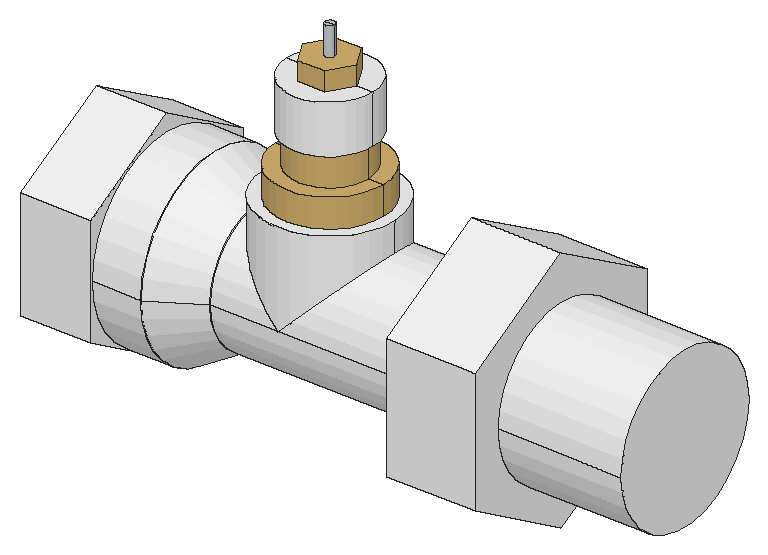
Revit family "RA-N_Straight_DN25_D_RFA", category Pipe Accessories, Revit 2019
Family settings
  Round Connector Dimension = Use Diameter
  Part Type = Valve - Breaks Into
  OmniClass Number = 23.65.55.14.17
  OmniClass Title = Adjusting/Controlling Valves for Liquid Services
  Work Plane-Based = No
  Always vertical = Yes
  Cut with Voids When Loaded = No
  Shared = No
Parameters (values of type "RA-N_Straight_DN25_Internal_D_013G0038")
  length = 126.00 mm  # constant formula
  Weight = 0.66 kg
  W [instance] = 45.70 mm
  Setting Range = "1-7,N"  # constant formula
  SL = L1 + L2  # 99.50 mm
  R_200_1 = 26.38 mm  # constant formula
  R_200 = 23.50 mm  # constant formula
  RV4 = 19.50 mm
  RV3 = 20.00 mm
  Pressure Drop [instance] = 0.0 bar
  Model Type = "RA-N_Straight_DN25_Internal_D"
  Model = "013G0038"
  Max Operating Pressure = "10 bar"  # constant formula
  Max Medium Temperature = "120 ˚C"  # constant formula
  Max Differential Pressure = "0.6 bar"  # constant formula
  L4 = 19.00 mm
  Valve Body Material = Danfoss Brass (Nickel plated)
  RV2 = 17.00 mm
  LOD 350 = not(LOD 200)  # yes
  LOD 200 = no
  L7 = 25.00 mm
  L6 = 14.50 mm
  L5 = 10.00 mm
  L [instance] = 126.00 mm
  Kvs = 1.4 m³/h
  IfcExportType = "RA-N"  # constant formula
  IfcExportAs = "IfcValveType"  # constant formula
  HT = HT1 + 33.00 mm  # 53.00 mm
  HT1 = 20.00 mm  # constant formula
  L3 = 15.00 mm
  URL = "https://store.danfoss.com/en/Climate-Solutions-for-heating/Radiator-Thermostats/Radiator-Valves/Build-on-valves/Presetting-valves/c/13866?q=%3Arelevance%3Adanfoss_producttypehierarchydesc%3ARA-N%3Adanfoss_a223339155%3AA223_3391558c5e50fab3748e9c53a6863b3dce1401%3Adanfoss_a2824460767%3AA2824_460767f623e75af30e62bbd73d6df5b50bb7b5%3Adanfoss_a50461501115_fts%3AA5046_150111582a2288245d249094b5396089516c12e&text="
  Manufacturer = "Danfoss"  # constant formula
  L2 = 49.50 mm
  L1 = 50.00 mm
  H [instance] = 79.385 mm
  Flow [instance] = 0.0 m³/h
  Description = "Thermostatic Radiator Valve"  # constant formula
  SD = R_200_1 * 2  # 52.76 mm
  DB1 = 28.00 mm
  DV1 = 28.00 mm
  L_nut thread2 = 22.85 mm  # constant formula
  L_nut thread1 = 20.35 mm  # constant formula
  D = 25.00 mm
  Connection = "Internal thread"  # constant formula
Reference planes
  plane 1 "Center (Front/Back)": y = 0
  plane 2 "XYPLANE": z = 6
  plane 3 "Center (Left/Right)": x = 0
  plane 4 "67": z = 53
  plane 5 "63": x = 0
  plane 6 "62": x = -50
  plane 7 "61": x = 49.5
  plane 8 "60": y = 0
  plane 9 "59": z = 0
  plane 10 "Y2": x = -35
  plane 11: x = 76
  plane 12: x = 30.5
  plane 13: z = 20
  plane 14: x = 25
  plane 15: x = -14.5
  plane 16: x = -24.5
Forms (mm)
  Extrusion 1, solid, material "Danfoss Brass (Nickel plated)" <- "Valve Body Material", visible <- "LOD 350", detail levels fine
    sketch origin (-15, 0, 0) x (0, 0, 1) y (0, -1, 0)
      loop
        circle (0, 0) r 14
    from 0.5 to 40
  Extrusion 2, solid, material "Danfoss Brass (Nickel plated)" <- "Valve Body Material", visible <- "LOD 350", detail levels fine
    sketch origin (49.5, -750, 0) x (0, 1, 0) y (0, 0, 1)
      loop
        line (750, 26.385) -> (727.15, 13.192) -> (727.15, -13.192) -> (750, -26.385) -> (772.85, -13.192) -> (772.85, 13.192) -> (750, 26.385)
    from 0 to -19
  Extrusion 3, solid, material "Danfoss Brass (Nickel plated)" <- "Valve Body Material", visible <- "LOD 350", detail levels fine
    sketch origin (-50, -750, 0) x (0, 1, 0) y (0, 0, 1)
      loop
        line (750, 23.498) -> (729.65, 11.749) -> (729.65, -11.749) -> (750, -23.498) -> (770.35, -11.749) -> (770.35, 11.749) -> (750, 23.498)
    from 0 to 15 <- "L3"
  Extrusion 4, solid, material "Danfoss Brass (Nickel plated)" <- "Valve Body Material", visible <- "LOD 350", detail levels fine
    sketch origin (49.5, -750, 0) x (0, 1, 0) y (0, 0, 1)
      loop
        circle (750, 0) r 20
    from -84.5 to -74
  Extrusion 5, solid, material "Danfoss Brass (Nickel plated)" <- "Valve Body Material", visible <- "LOD 200", detail levels fine
    sketch origin (49.5, -750, 0) x (0, 1, 0) y (0, 0, 1)
      loop
        circle (750, 0) r 14
    from -84.5 to -19
  Extrusion 6, solid, material "Danfoss Brass (Nickel plated)" <- "Valve Body Material", detail levels fine
    sketch origin (0, 0, 0) x (0, 1, 0) y (0, 0, 1)
      loop
        circle (0, 0) r 17
    from 49.5 to 76
  Extrusion 7, solid, material "Danfoss Brass (Nickel plated)" <- "Valve Body Material", detail levels fine
    sketch origin (0, 0, 0) x (1, 0, 0) y (0, 1, 0)
      loop
        circle (0, 0) r 14
    from 0 to 20
  Blend 8, solid, material "Danfoss Brass (Nickel plated)" <- "Valve Body Material", visible <- "LOD 350", detail levels fine
    base sketch origin (0, 0, 0) x (0, 1, 0) y (0, 0, 1)
      loop
        circle (0, 0) r 20
    top sketch origin (0, 0, 0) x (0, 1, 0) y (0, 0, 1)
      loop
        circle (0, 0) r 14
    from -24.5 to -14.5
  Blend 9, solid, material "Danfoss Brass (Nickel plated)" <- "Valve Body Material", visible <- "LOD 350", detail levels fine
    base sketch origin (0, 0, 0) x (0, 1, 0) y (0, 0, -1)
      loop
        circle (0, 0) r 19.5
    top sketch origin (0, 0, 0) x (0, 1, 0) y (0, 0, -1)
      loop
        circle (0, 0) r 14
    from -30.5 to -25
  Extrusion 10, solid, material "Danfoss Brass (Nickel plated)" <- "Valve Body Material", visible <- "LOD 200", detail levels fine
    sketch origin (-50, -750, 0) x (0, 1, 0) y (0, 0, 1)
      loop
        circle (750, 0) r 26.38
    from 80.5 to 99.5
  Extrusion 11, solid, material "Danfoss Brass (Nickel plated)" <- "Valve Body Material", visible <- "LOD 200", detail levels fine
    sketch origin (0, 0, 0) x (0, 1, 0) y (0, 0, 1)
      loop
        circle (0, 0) r 23.5
    from -50 to -35
Lines and regions (mm)
  reference lines, not visible
    curve 1: circle (2, 2, 0) r 1 normal (0, 0, 1)
  reference lines, visible <- "LOD 350"
    curve 2: line (49.5, 0, 0) -> (49.5, 5.846, -3.375)
    curve 3: line (49.5, 0, 0) -> (49.5, 0, -6.75)
    curve 4: line (49.5, 0, 0) -> (49.5, -5.846, -3.375)
    curve 5: line (-50, 0, 0) -> (-50, -4.98, -2.875)
    curve 6: line (-50, 0, 0) -> (-50, 0, -5.75)
    curve 7: line (-50, 0, 0) -> (-50, 4.98, -2.875)
Dimensions and locks
  plane 1 "Center (Front/Back)" to curve 1 = 2.00 mm
  locked: plane 3 "Center (Left/Right)" to plane 5 "63"
  "L1": plane 3 "Center (Left/Right)" to plane 6 "62"
  "L2": plane 3 "Center (Left/Right)" to plane 7 "61"
  locked: plane 1 "Center (Front/Back)" to plane 8 "60"
  plane 9 "59" to plane 2 "XYPLANE" = 6.00 mm
  "L_nut thread2": curve 2 to Extrusion 2 sketch curve  (x2)
  "L_nut thread2": curve 3 to Extrusion 2 sketch curve  (x2)
  "L_nut thread2": curve 4 to Extrusion 2 sketch curve  (x2)
  "L_nut thread1": curve 5 to Extrusion 3 sketch curve  (x2)
  "L_nut thread1": curve 6 to Extrusion 3 sketch curve  (x2)
  "L_nut thread1": curve 7 to Extrusion 3 sketch curve  (x2)
  "L3": plane 6 "62" to plane 10 "Y2"
  "L4": plane 12 to plane 7 "61"
  "HT1": plane 13 to level
  "L6": plane 3 "Center (Left/Right)" to plane 15
  "L7": plane 14 to plane 3 "Center (Left/Right)"
  "L5": plane 15 to plane 16
  plane 7 "61" to plane 6 "62" = 99.50 mm
  "L": plane 11 to plane 6 "62"
  "W": Extrusion 2 to Extrusion 2
  "length": plane 6 "62" to plane 11
  "HT": plane 4 "67" to level
  "H": plane 4 "67" to Extrusion 2
  plane 4 "67" to plane 13 = 33.00 mm
  Extrusion 3 to Extrusion 3 = 40.70 mm
  Extrusion 2 to Extrusion 2 = 45.70 mm
  level to Extrusion 2 = 26.385 mm
  level to Extrusion 3 = 23.498 mm
  "DV1": diameter of Extrusion 1 sketch curve
  "RV3": radius of Extrusion 4 sketch curve
  "DV1": diameter of Extrusion 5 sketch curve
  "RV2": radius of Extrusion 6 sketch curve
  "DB1": diameter of Extrusion 7 sketch curve
  "RV3": radius of Blend 8 sketch curve
  "DV1": diameter of Blend 8 sketch curve
  "RV4": radius of Blend 9 sketch curve
  "DV1": diameter of Blend 9 sketch curve
  "R_200_1": radius of Extrusion 10 sketch curve
  "R_200": radius of Extrusion 11 sketch curve
  locked: curve 3 to curve 2 (angle 60.00°)
  locked: curve 4 to curve 3 (angle 60.00°)
  locked: curve 4 to curve 2 (angle 120.00°)
  locked: curve 6 to curve 5 (angle 60.00°)
  locked: curve 7 to curve 6 (angle 60.00°)
  locked: curve 7 to curve 5 (angle 120.00°)
  aligned and locked: Extrusion 1 sketch curve to plane 8 "60"
  aligned and locked: curve 4 to plane 8 "60"
  aligned and locked: plane 9 "59" to curve 4
  aligned and locked: curve 7 to plane 8 "60"
  aligned and locked: plane 9 "59" to curve 7
  aligned and locked: plane 1 "Center (Front/Back)" to Extrusion 4 sketch curve
  aligned and locked: level to Extrusion 4 sketch curve
  aligned and locked: plane 1 "Center (Front/Back)" to Extrusion 5 sketch curve
  aligned and locked: level to Extrusion 5 sketch curve
  aligned and locked: plane 10 "Y2" to Extrusion 3
  aligned and locked: plane 1 "Center (Front/Back)" to Extrusion 6 sketch curve
  aligned and locked: level to Extrusion 6 sketch curve
  aligned and locked: Extrusion 2 to plane 12
  aligned and locked: plane 5 "63" to Extrusion 7 sketch curve
  aligned and locked: plane 8 "60" to Extrusion 7 sketch curve
  aligned and locked: plane 13 to Extrusion 7
  aligned and locked: Extrusion 6 to plane 7 "61"
  aligned and locked: Extrusion 6 to plane 11
  aligned and locked: Extrusion 1 to plane 15
  aligned and locked: plane 14 to Extrusion 1
  aligned and locked: Extrusion 4 to plane 10 "Y2"
  aligned and locked: plane 16 to Extrusion 4
  aligned and locked: plane 1 "Center (Front/Back)" to Blend 8 sketch curve  (x2)
  aligned and locked: level to Blend 8 sketch curve  (x2)
  aligned and locked: Blend 8 to plane 16
  aligned and locked: plane 15 to Blend 8
  aligned and locked: plane 14 to Blend 9
  aligned and locked: plane 1 "Center (Front/Back)" to Blend 9 sketch curve  (x2)
  aligned and locked: level to Blend 9 sketch curve  (x2)
  aligned and locked: Extrusion 5 to plane 10 "Y2"
  aligned and locked: plane 12 to Extrusion 5
  aligned and locked: plane 12 to Blend 9
  aligned and locked: plane 1 "Center (Front/Back)" to Extrusion 10 sketch curve
  aligned and locked: level to Extrusion 10 sketch curve
  aligned and locked: Extrusion 10 to plane 7 "61"
  aligned and locked: Extrusion 10 to plane 12
  aligned and locked: plane 1 "Center (Front/Back)" to Extrusion 11 sketch curve
  aligned and locked: level to Extrusion 11 sketch curve
  aligned and locked: Extrusion 11 to plane 6 "62"
  aligned and locked: Extrusion 11 to plane 10 "Y2"
  aligned and locked: nested 1 to plane 6 "62"
  aligned and locked: plane 4 "67" to nested 1
  aligned and locked: plane 3 "Center (Left/Right)" to nested 2
  aligned and locked: plane 13 to nested 2
  aligned and locked: plane 1 "Center (Front/Back)" to nested 1
  aligned and locked: plane 1 "Center (Front/Back)" to nested 2
Automatic sketch dimensions
  plane 3 "Center (Left/Right)" to curve 1 = 2.00 mm
  Extrusion 1 sketch curve to level = 0.00 mm
  Extrusion 6 sketch curve to level = 0.00 mm
  radius of curve 1 = 1.00 mm
Nested families
  nested 1: "Schematic_TRV_Straight" at (-0.25, 0, 0), type "Schematic_TRV_Straight", detail levels coarse+medium
  nested 2: "connection neck" at (0, 0, 20), LOD 200 <- "LOD 200", type "connection", detail levels fine
    with LOD 350 yes, LOD 200 no, DN20(350) yes, DN10-15(350) no
Connectors
  piping at (-50, 0, 0), diameter 25, driven by "D", driven by "Flow"
    settings: on Extrusion 3, index 2, connector inside diameter 609.6 mm, connector length 0.00 mm, flow factor 0, pipe flow 0.0 m³/h, pressure drop 0.0 bar, fitting loss kfactor 0, connector angle 0.00°, fixture units 0, engagement length 0.00 mm, angle of deflection 0.00°, flow configuration 0, flow direction 1, fitting loss method 0, system type 29, joint type 0, gender type 0, connector reference index 3, connector utility 0, adjustable connector no, is connector primary yes, connector description ""
  piping at (49.5, 0, 0), diameter 25, driven by "Flow", driven by "D"
    settings: on Extrusion 2, index 3, connector inside diameter 609.6 mm, connector length 0.00 mm, flow factor 0, pipe flow 0.0 m³/h, pressure drop 0.0 bar, fitting loss kfactor 0, connector angle 0.00°, fixture units 0, engagement length 0.00 mm, angle of deflection 0.00°, flow configuration 0, flow direction 2, fitting loss method 0, system type 29, joint type 0, gender type 0, connector reference index 2, connector utility 0, adjustable connector no, is connector primary no, connector description ""
Definition of nested family "connection neck"
  Parameters (values of type "connection")
    Model = ""
    Valve Body Material = none
    LOD 350 [instance] = not(LOD 200)  # yes
    LOD 200 [instance] = no
    IfcExportType = "Connection neck"  # constant formula
    IfcExportAs = "IfcValveType"  # constant formula
    URL = "https://store.danfoss.com/en/Climate-Solutions-for-heating/Radiator-Thermostats/Radiator-Valves/Build-on-valves/Presetting-valves/c/13866?q=%3Arelevance%3Adanfoss_producttypehierarchydesc%3ARA-N&text="
    Manufacturer = "Danfoss"  # constant formula
    HT1 = if(D = 20.00 mm, 12.55 mm, 12.65 mm)  # 12.65 mm
    HT = 33.00 mm  # constant formula
    H [instance] = 33.00 mm
    Description = "Thermostatic Radiator Valve"  # constant formula
    DN20(350) [instance] = and((LOD 350), D > 20.00 mm)  # no
    DN10-15(350) [instance] = and((LOD 350), D < 20.00 mm)  # yes
    D = 15.00 mm
  Reference planes
    plane 1 "Center (Front/Back)": y = 0
    plane 2 "XYPLANE": z = 6
    plane 3 "Center (Left/Right)": x = 0
    plane 4 "67": z = 27.03
    plane 5 "66": z = 7
    plane 6 "63": x = 0
    plane 7 "60": y = 0
    plane 8 "59": z = 0
    plane 9: z = 33
    plane 10: z = 12.65
    plane 11: z = 0
    plane 12 "HT1": z = 12.65
    plane 13: z = 6.1
    plane 14: z = 23.03
  Forms (mm)
    Revolve 1, solid, detail levels fine
      sketch origin (0, 0, 0) x (1, 0, 0) y (0, 0, 1)
        loop
          line (0, 33) -> (0, 27.03) -> (1, 27.03) -> (1, 33) -> (0, 33)
        axis (0, 27.03) -> (0, 33)
      angle from 0 to 360
    Revolve 2, solid, visible <- "DN10-15(350)", detail levels fine
      sketch origin (0, 0, 0) x (1, 0, 0) y (0, 0, 1)
        loop
          line (0, 0) -> (11.5, 0) -> (11.5, 7) -> (8.3, 7) -> (8.3, 12.65) -> (0, 12.65) -> (0, 0)
        axis (0, 12.65) -> (0, 0)
      angle from 0 to 360
    Revolve 3, solid, material <- "Valve Body Material", detail levels fine
      sketch origin (0, 0, 0) x (1, 0, 0) y (0, 0, 1)
        loop
          line (0, 23.03) -> (0, 12.65) -> (9.3, 12.65) -> (9.3, 23.03) -> (0, 23.03)
        axis (0, 12.65) -> (0, 23.03)
      angle from 0 to 360
    Revolve 4, solid, visible <- "LOD 200", detail levels fine
      sketch origin (0, 0, 0) x (1, 0, 0) y (0, 0, 1)
        loop
          line (0, 0) -> (11.5, 0) -> (11.5, 12.65) -> (0, 12.65) -> (0, 0)
        axis (0, 0) -> (0, 12.65)
      angle from 0 to 360
    Extrusion 5, solid, visible <- "LOD 350", detail levels fine
      sketch origin (0, 0, 0) x (1, 0, 0) y (0, 1, 0)
        loop
          line (-2.887, 5) -> (-5.774, 0) -> (-2.887, -5) -> (2.887, -5) -> (5.774, 0) -> (2.887, 5) -> (-2.887, 5)
      from 23.03 to 27.03
    Revolve 6, solid, visible <- "LOD 200", detail levels fine
      sketch origin (0, 0, 0) x (1, 0, 0) y (0, 0, 1)
        loop
          line (0, 27.03) -> (0, 23.03) -> (5.774, 23.03) -> (5.774, 27.03) -> (0, 27.03)
        axis (0, 27.03) -> (0, 23.03)
      angle from 0 to 360
    Revolve 7, solid, visible <- "DN20(350)", detail levels fine
      sketch origin (0, 0, 0) x (1, 0, 0) y (0, 0, 1)
        loop
          line (0, 0) -> (11.5, 0) -> (11.5, 6.1) -> (8.3, 6.1) -> (8.3, 12.65) -> (0, 12.65) -> (0, 0)
        axis (0, 12.65) -> (0, 0)
      angle from 0 to 360
  Lines and regions (mm)
    reference lines, not visible
      curve 1: circle (2, 2, 0) r 1 normal (0, 0, 1)
    reference lines, visible <- "LOD 350"
      curve 2: line (32, 0, 0) -> (32, 5.846, -3.375)
      curve 3: line (32, 0, 0) -> (32, 0, -6.75)
      curve 4: line (32, 0, 0) -> (32, -5.846, -3.375)
      curve 5: line (-29, 0, 0) -> (-29, -4.98, -2.875)
      curve 6: line (-29, 0, 0) -> (-29, 0, -5.75)
      curve 7: line (-29, 0, 0) -> (-29, 4.98, -2.875)
  Dimensions and locks
    plane 1 "Center (Front/Back)" to curve 1 = 2.00 mm
    locked: plane 3 "Center (Left/Right)" to plane 6 "63"
    locked: plane 1 "Center (Front/Back)" to plane 7 "60"
    plane 8 "59" to plane 2 "XYPLANE" = 6.00 mm
    "HT": plane 9 to level
    Revolve 3 sketch curve to Revolve 3 sketch curve = 9.30 mm
    Revolve 2 sketch curve to plane 3 "Center (Left/Right)" = 11.50 mm
    Revolve 2 sketch curve to plane 3 "Center (Left/Right)" = 8.30 mm
    Revolve 4 sketch curve to Revolve 4 sketch curve = 11.50 mm
    Extrusion 5 sketch curve to Extrusion 5 sketch curve = 10.00 mm  (x3)
    equal spacing: Extrusion 5 sketch curve, plane 1 "Center (Front/Back)", Extrusion 5 sketch curve
    equal spacing: Extrusion 5 sketch curve, plane 3 "Center (Left/Right)", Extrusion 5 sketch curve  (x2)
    Revolve 6 sketch curve to Revolve 6 sketch curve = 5.774 mm
    "H": plane 9 to plane 11
    Revolve 1 sketch curve to Revolve 1 sketch curve = 1.00 mm
    locked: level to plane 11
    Revolve 7 sketch curve to plane 3 "Center (Left/Right)" = 8.30 mm
    Revolve 7 sketch curve to plane 3 "Center (Left/Right)" = 11.50 mm
    plane 10 to plane 5 "66" = 5.65 mm
    "HT1": plane 12 "HT1" to level
    locked: plane 13 to level at 6.1
    plane 12 "HT1" to plane 13 = 6.55 mm
    locked: plane 14 to plane 12 "HT1" at 10.38
    locked: plane 4 "67" to plane 14 at 4
    locked: plane 5 "66" to level at 7
    locked: curve 3 to curve 2 (angle 60.00°)
    locked: curve 4 to curve 3 (angle 60.00°)
    locked: curve 4 to curve 2 (angle 120.00°)
    locked: curve 6 to curve 5 (angle 60.00°)
    locked: curve 7 to curve 6 (angle 60.00°)
    locked: curve 7 to curve 5 (angle 120.00°)
    aligned and locked: curve 4 to plane 7 "60"
    aligned and locked: plane 8 "59" to curve 4
    aligned and locked: curve 7 to plane 7 "60"
    aligned and locked: plane 8 "59" to curve 7
    aligned and locked: Revolve 1 sketch curve to plane 6 "63"
    aligned and locked: Revolve 1 sketch curve to plane 9
    aligned and locked: plane 6 "63" to Revolve 1 sketch curve
    aligned and locked: Revolve 2 sketch curve to plane 5 "66"
    aligned and locked: Revolve 2 sketch curve to plane 3 "Center (Left/Right)"
    aligned and locked: Revolve 2 sketch curve to Revolve 2 sketch curve
    aligned and locked: Revolve 3 sketch curve to plane 6 "63"
    aligned and locked: plane 6 "63" to Revolve 3 sketch curve
    aligned and locked: Revolve 4 sketch curve to plane 6 "63"
    aligned and locked: plane 2 "XYPLANE" to Revolve 4 sketch curve
    aligned and locked: plane 6 "63" to Revolve 4 sketch curve
    aligned and locked: Revolve 1 sketch curve to plane 4 "67"
    aligned and locked: plane 4 "67" to Revolve 1 sketch curve
    aligned and locked: Revolve 2 sketch curve to plane 11
    aligned and locked: plane 11 to Revolve 2 sketch curve
    aligned and locked: plane 4 "67" to Extrusion 5
    aligned and locked: plane 10 to Revolve 4
    aligned and locked: Revolve 6 sketch curve to plane 6 "63"  (x2)
    aligned and locked: Revolve 6 sketch curve to plane 4 "67"
    aligned and locked: Revolve 6 sketch curve to Revolve 1
    aligned and locked: Revolve 6 sketch curve to Revolve 6 sketch curve
    aligned and locked: Revolve 7 sketch curve to level
    aligned and locked: Revolve 7 sketch curve to plane 3 "Center (Left/Right)"  (x2)
    aligned and locked: Revolve 4 sketch curve to plane 12 "HT1"
    aligned and locked: Revolve 3 sketch curve to plane 12 "HT1"
    aligned and locked: Revolve 2 sketch curve to plane 12 "HT1"
    aligned and locked: Revolve 7 sketch curve to plane 12 "HT1"
    aligned and locked: Revolve 7 sketch curve to plane 13
    aligned and locked: Revolve 3 sketch curve to plane 14
    aligned and locked: Extrusion 5 to plane 14
  Automatic sketch dimensions
    plane 3 "Center (Left/Right)" to curve 1 = 2.00 mm
    plane 9 to Revolve 1 sketch curve = 0.838 mm
    Revolve 3 sketch curve to plane 3 "Center (Left/Right)" = 0.00 mm
    plane 5 "66" to Revolve 3 sketch curve = 2.50 mm
    Revolve 3 sketch curve to plane 9 = 1.691 mm
    Revolve 4 sketch curve to plane 11 = 0.00 mm
    Revolve 4 sketch curve to plane 9 = 0.30 mm
    plane 1 "Center (Front/Back)" to Extrusion 5 sketch curve = 0.00 mm
    Extrusion 5 sketch curve to Extrusion 5 sketch curve = 2.887 mm
    Revolve 7 sketch curve to Revolve 7 sketch curve = 0.00 mm
    Revolve 7 sketch curve to Revolve 7 sketch curve = 11.48 mm
    Revolve 2 sketch curve to plane 4 "67" = 3.00 mm
    Revolve 6 sketch curve to plane 4 "67" = 4.00 mm
    radius of curve 1 = 1.00 mm
Definition of nested family "Schematic_TRV_Straight"
  Parameters (values of type "Schematic_TRV_Straight")
    L = 55.50 mm
    LT = 4 / 5 * D  # 24.944 mm
    HT = 48.00 mm
    D = 31.18 mm
  Reference planes
    plane 1 "Center (Front/Back)": y = 0
    plane 2: z = 0
    plane 3 "Center (Left/Right)": x = 0
    plane 4: x = 27.75
    plane 5: y = 15.59
    plane 6: y = -15.59
    plane 7: z = 15.59
    plane 8: z = -15.59
    plane 9: z = 48
    plane 10: x = -12.472
    plane 11: x = 12.472
    plane 12: x = -27.75
    plane 13: y = 48
  Lines and regions (mm)
    model lines
      curve 1: line (0, 0, 0) -> (27.75, 0, 15.59)
      curve 2: line (27.75, 0, 15.59) -> (27.75, 0, -15.59)
      curve 3: line (27.75, 0, -15.59) -> (0, 0, 0)
      curve 4: line (0, 0, 0) -> (0, 0, 48)
      curve 5: line (-12.472, 0, 48) -> (12.472, 0, 48)
      curve 6: line (0, 0, 0) -> (-27.75, 0, 15.59)
      curve 7: line (-27.75, 0, 15.59) -> (-27.75, 0, -15.59)
      curve 8: line (-27.75, 0, -15.59) -> (0, 0, 0)
    symbolic lines
      curve 9: line (27.75, 15.59, 0) -> (27.75, -15.59, 0)
      curve 10: line (12.472, 48, 0) -> (-12.472, 48, 0)
      curve 11: line (0, 48, 0) -> (0, 0, 0)
      curve 12: line (0, 0, 0) -> (27.75, 15.59, 0)
      curve 13: line (27.75, -15.59, 0) -> (0, 0, 0)
      curve 14: line (-27.75, 15.59, 0) -> (-27.75, -15.59, 0)
      curve 15: line (0, 0, 0) -> (-27.75, 15.59, 0)
      curve 16: line (-27.75, -15.59, 0) -> (0, 0, 0)
  Dimensions and locks
    equal spacing: plane 6, plane 1 "Center (Front/Back)", plane 5
    equal spacing: plane 7, level, plane 8
    "D": plane 7 to plane 8
    "L": plane 4 to plane 12
    equal spacing: plane 4, plane 3 "Center (Left/Right)", plane 12
    "LT": plane 11 to plane 10
    equal spacing: plane 11, plane 3 "Center (Left/Right)", plane 10
    "D": plane 6 to plane 5
    "HT": plane 9 to level
    "HT": plane 1 "Center (Front/Back)" to plane 13
    equal spacing: plane 10, plane 3 "Center (Left/Right)", plane 11
    aligned and locked: level to plane 2
    aligned and locked: curve 2 to plane 4
    aligned and locked: plane 3 "Center (Left/Right)" to curve 4
    aligned and locked: curve 5 to plane 9
    aligned and locked: curve 7 to plane 12
    aligned and locked: plane 13 to curve 10
  Automatic sketch dimensions
    curve 8 to plane 8 = 0.00 mm
    curve 2 to plane 8 = 0.00 mm
    curve 1 to level = 0.00 mm
    curve 2 to plane 7 = 0.00 mm
    curve 7 to plane 7 = 0.00 mm
    curve 5 to plane 10 = 0.00 mm
    curve 5 to plane 11 = 0.00 mm
    plane 6 to curve 16 = 0.00 mm
    curve 16 to plane 12 = 0.00 mm
    plane 1 "Center (Front/Back)" to curve 11 = 0.00 mm
    curve 11 to plane 3 "Center (Left/Right)" = 0.00 mm
    curve 12 to plane 4 = 0.00 mm
    plane 6 to curve 9 = 0.00 mm
    plane 5 to curve 9 = 0.00 mm
    plane 5 to curve 14 = 0.00 mm
    curve 10 to plane 10 = 0.00 mm
    curve 10 to plane 11 = 0.00 mm
